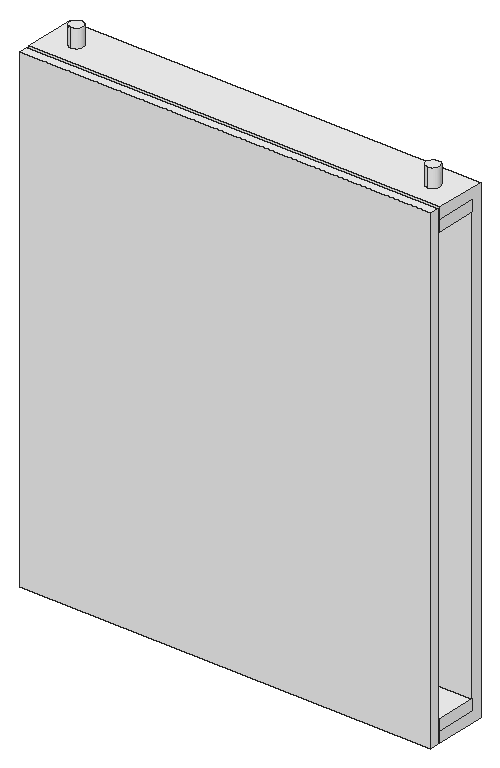
Revit family
Parameters (values of type "TF 3510")
  Tapping depth = if(Tap Radius < 5 mm, 13 mm, 17 mm)  # 13 mm
  Tap Radius = 4.8 mm
  Depth = 45 mm
  URL = "http://viewer.zmags.com/publication/f43ba979"
  Type Comments = ""
  Side Body = not(Depth = 45 mm)  # no
  Model = "TF 3510"
  Mid Body = Depth = 123 mm  # no
  Manufacturer = "Meinertz"  # constant formula
  Keynote = "TF 3510"
  Height Offset from Floor = 100 mm
  Width = 300 mm
  Height = 350 mm
  Heater = RAL 9016
  GoGetNo = 6988  # constant formula
  Body 2 = Depth = 74 mm  # no
  Body = Depth = 45 mm  # yes
Types (13, lengths in mm): name | Depth | Side Body | Model | Mid Body | Keynote | Height | Body 2 | Body
  (no name) | 45 | no | "TF 3510" | no | "TF 3510" | 350 | no | yes
  TF 3510 | 45 | no | "TF 3510" | no | "TF 3510" | 350 | no | yes
  TF 4210 | 45 | no | "TF 4210" | no | "TF 4210" | 420 | no | yes
  TF 4910 | 45 | no | "TF 4910" | no | "TF 4910" | 490 | no | yes
  TF 5610 | 45 | no | "TF 5610" | no | "TF 5610" | 560 | no | yes
  TF 3530 | 123 | yes | "TF 3530" | yes | "TF 3530" | 350 | no | no
  TF 4230 | 123 | yes | "TF 4230" | yes | "TF 4230" | 420 | no | no
  TF 4930 | 123 | yes | "TF 4930" | yes | "TF 4930" | 490 | no | no
  TF 5630 | 123 | yes | "TF 5630" | yes | "TF 5630" | 560 | no | no
  TF 3520 | 74 | yes | "TF 3520" | no | "TF 3520" | 350 | yes | no
  TF 4220 | 74 | yes | "TF 4220" | no | "TF 4220" | 420 | yes | no
  TF 4920 | 74 | yes | "TF 4920" | no | "TF 4920" | 490 | yes | no
  TF 5620 | 74 | yes | "TF 5620" | no | "TF 5620" | 560 | yes | no
Reference planes
  plane 1 "Center (Front/Back)": y = 0
  plane 2: z = 0
  plane 3 "Center (Left/Right)": x = 0
  plane 4 "bottom": z = 100
  plane 5: y = 22.5
  plane 6: y = -22.5
  plane 7: x = -150
  plane 8: x = 150
  plane 9: y = 14.5
  plane 10: y = -14.5
  plane 11: x = -142
  plane 12: x = 142
  plane 13: z = 450
  plane 14: z = 442
  plane 15: z = 275
  plane 16: z = 108
  plane 17: y = -6.5
Forms (mm)
  Extrusion 1, solid, material "RAL 9016" <- "Heater"
    sketch origin (0, 0, 0) x (0, 1, 0) y (0, 0, 1)
      loop
        line (22.5, 450) -> (-14.5, 450) -> (-14.5, 442) -> (14.5, 442) -> (14.5, 108) -> (-14.5, 108) -> (-14.5, 100) -> (22.5, 100) -> (22.5, 450)
    from -150 to 150
  Extrusion 2, solid, material "RAL 9016" <- "Heater"
    sketch origin (0, 0, 0) x (0, 1, 0) y (0, 0, 1)
      loop
        line (-16.5, 450) -> (-22.5, 450) -> (-22.5, 100) -> (-16.5, 100) -> (-16.5, 450)
    from -150 to 150
  Extrusion 3, solid, material "RAL 9016" <- "Heater", visible <- "Body"
    sketch origin (0, 0, 0) x (0, 1, 0) y (0, 0, 1)
      loop
        line (14.5, 442) -> (-14.5, 442) -> (-14.5, 434) -> (14.5, 434) -> (14.5, 442)
      loop
        line (14.5, 108) -> (14.5, 116) -> (-14.5, 116) -> (-14.5, 108) -> (14.5, 108)
    from -150 to 150
  Extrusion 4, solid, material "RAL 9016" <- "Heater", visible <- "Side Body"
    sketch origin (0, 0, 100) x (-1, 0, 0) y (0, -1, 0)
      loop
        line (150, 6.5) -> (150, 14.5) -> (-150, 14.5) -> (-150, 6.5) -> (150, 6.5)
    from 8 to 342
  Extrusion 5, solid, material "RAL 9016" <- "Heater", visible <- "Mid Body"
    sketch origin (0, 0, 100) x (-1, 0, 0) y (0, -1, 0)
      loop
        line (150, -8) -> (150, 0) -> (-150, 0) -> (-150, -8) -> (150, -8)
    from 8 to 342
  Extrusion 6, solid, material "RAL 9016" <- "Heater", visible <- "Mid Body"
    sketch origin (0, 0, 0) x (0, 1, 0) y (0, 0, 1)
      loop
        line (0, 108) -> (0, 116) -> (-6.5, 116) -> (-6.5, 108) -> (0, 108)
      loop
        line (0, 442) -> (-6.5, 442) -> (-6.5, 434) -> (0, 434) -> (0, 442)
      loop
        line (14.5, 442) -> (8, 442) -> (8, 434) -> (14.5, 434) -> (14.5, 442)
      loop
        line (14.5, 108) -> (14.5, 116) -> (8, 116) -> (8, 108) -> (14.5, 108)
    from -150 to 150
  Extrusion 7, solid, material "RAL 9016" <- "Heater", visible <- "Body 2"
    sketch origin (0, 0, 0) x (0, 1, 0) y (0, 0, 1)
      loop
        line (14.5, 108) -> (14.5, 116) -> (-6.5, 116) -> (-6.5, 108) -> (14.5, 108)
      loop
        line (14.5, 442) -> (-6.5, 442) -> (-6.5, 434) -> (14.5, 434) -> (14.5, 442)
    from -150 to 150
  Extrusion 8, solid, material "Tap"
    sketch origin (0, 22.5, 450) x (0, -1, 0) y (1, 0, 0)
      loop
        circle (18.5, 130) r 4.8
    from 0 to 13
  Extrusion 9, solid, material "Tap"
    sketch origin (0, 22.5, 450) x (0, -1, 0) y (1, 0, 0)
      loop
        circle (18.5, -130) r 4.8
    from 0 to 13
  Extrusion 10, solid, material "Tap"
    sketch origin (0, 22.5, 100) x (-1, 0, 0) y (0, 1, 0)
      loop
        circle (-130, -18.5) r 4.8
    from 0 to 13
  Extrusion 11, solid, material "Tap"
    sketch origin (0, 22.5, 100) x (-1, 0, 0) y (0, 1, 0)
      loop
        circle (130, -18.5) r 4.8
    from 0 to 13
Dimensions and locks
  locked: plane 7 to plane 11 at 8
  locked: plane 12 to plane 8 at 8
  locked: plane 10 to plane 6 at 8
  locked: plane 9 to plane 5 at 8
  equal spacing: plane 7, plane 3 "Center (Left/Right)", plane 8
  equal spacing: plane 6, plane 1 "Center (Front/Back)", plane 5
  "Width": plane 7 to plane 8
  "Depth": plane 5 to plane 6
  "Height": plane 13 to plane 4 "bottom"
  "Height Offset from Floor": plane 4 "bottom" to plane 2
  locked: plane 13 to plane 14 at 8
  equal spacing: plane 13, plane 15, plane 4 "bottom"
  group 1 to group 2 = 0 mm  (x2)
  group 1 to group 2 = 70 mm
  locked: plane 16 to plane 4 "bottom" at 8
  locked: plane 10 to Extrusion 2 sketch curve at 2
  locked: Extrusion 3 sketch curve to plane 16 at 8
  locked: plane 14 to Extrusion 3 sketch curve at 8
  locked: plane 17 to plane 10 at 8
  locked: Extrusion 5 sketch curve to Extrusion 5 sketch curve at 8
  locked: Extrusion 8 sketch curve to Extrusion 1 at 20
  "Tapping depth": Extrusion 9 to plane 13
  "Tapping depth": Extrusion 8 to plane 13
  "Tapping depth": plane 4 "bottom" to Extrusion 11
  "Tapping depth": plane 4 "bottom" to Extrusion 10
  "Tap Radius": radius of Extrusion 8 sketch curve
  "Tap Radius": radius of Extrusion 9 sketch curve
  "Tap Radius": radius of Extrusion 10 sketch curve
  "Tap Radius": radius of Extrusion 11 sketch curve
  aligned and locked: plane 13 to Extrusion 1 sketch curve
  aligned and locked: plane 5 to Extrusion 1 sketch curve
  aligned and locked: plane 4 "bottom" to Extrusion 1 sketch curve
  aligned and locked: Extrusion 1 sketch curve to plane 10
  aligned and locked: plane 9 to Extrusion 1 sketch curve
  aligned and locked: plane 14 to Extrusion 1 sketch curve
  aligned and locked: Extrusion 1 to plane 7
  aligned and locked: Extrusion 1 to plane 8
  aligned and locked: Extrusion 1 sketch curve to plane 16
  aligned and locked: Extrusion 2 sketch curve to plane 6
  aligned and locked: Extrusion 2 sketch curve to plane 13
  aligned and locked: plane 4 "bottom" to Extrusion 2 sketch curve
  aligned and locked: Extrusion 2 to plane 7
  aligned and locked: Extrusion 2 to plane 8
  aligned and locked: plane 9 to Extrusion 3 sketch curve
  aligned and locked: Extrusion 3 sketch curve to plane 14
  aligned and locked: plane 10 to Extrusion 3 sketch curve
  aligned and locked: Extrusion 3 sketch curve to plane 9
  aligned and locked: Extrusion 3 sketch curve to plane 16
  aligned and locked: Extrusion 3 sketch curve to plane 10
  aligned and locked: Extrusion 3 to plane 8
  aligned and locked: Extrusion 3 to plane 7
  aligned and locked: Extrusion 4 sketch curve to plane 17
  aligned and locked: plane 10 to Extrusion 4 sketch curve
  aligned and locked: plane 8 to Extrusion 4 sketch curve
  aligned and locked: plane 7 to Extrusion 4 sketch curve
  aligned and locked: Extrusion 4 to plane 16
  aligned and locked: plane 14 to Extrusion 4
  aligned and locked: plane 7 to Extrusion 5 sketch curve
  aligned and locked: plane 8 to Extrusion 5 sketch curve
  aligned and locked: Extrusion 5 sketch curve to plane 1 "Center (Front/Back)"
  aligned and locked: Extrusion 5 to plane 16
  aligned and locked: plane 14 to Extrusion 5
  aligned and locked: plane 16 to Extrusion 6 sketch curve
  aligned and locked: Extrusion 3 to Extrusion 6 sketch curve  (x2)
  aligned and locked: Extrusion 6 sketch curve to plane 1 "Center (Front/Back)"
  aligned and locked: Extrusion 6 sketch curve to plane 17
  aligned and locked: plane 1 "Center (Front/Back)" to Extrusion 6 sketch curve
  aligned and locked: plane 17 to Extrusion 6 sketch curve
  aligned and locked: Extrusion 6 sketch curve to plane 14  (x2)
  aligned and locked: Extrusion 6 sketch curve to Extrusion 3  (x2)
  aligned and locked: Extrusion 6 to plane 7
  aligned and locked: Extrusion 6 to plane 8
  aligned and locked: plane 9 to Extrusion 6 sketch curve
  aligned and locked: Extrusion 6 sketch curve to Extrusion 5  (x2)
  aligned and locked: Extrusion 6 sketch curve to plane 16
  aligned and locked: Extrusion 6 sketch curve to plane 9
  aligned and locked: plane 9 to Extrusion 7 sketch curve  (x2)
  aligned and locked: plane 17 to Extrusion 7 sketch curve  (x2)
  aligned and locked: Extrusion 3 to Extrusion 7 sketch curve
  aligned and locked: Extrusion 7 sketch curve to plane 16
  aligned and locked: Extrusion 7 sketch curve to plane 14
  aligned and locked: Extrusion 7 sketch curve to Extrusion 3
  aligned and locked: Extrusion 7 to plane 7
  aligned and locked: Extrusion 7 to plane 8
Automatic sketch dimensions
  Extrusion 1 sketch curve to plane 10 = 0 mm
  Extrusion 1 to Extrusion 8 sketch curve = 18.5 mm
  Extrusion 1 to Extrusion 9 sketch curve = 18.5 mm
  Extrusion 1 to Extrusion 9 sketch curve = 20 mm
  Extrusion 10 sketch curve to Extrusion 1 = 20 mm
  Extrusion 1 to Extrusion 10 sketch curve = 18.5 mm
  Extrusion 11 sketch curve to Extrusion 1 = 20 mm
  Extrusion 1 to Extrusion 11 sketch curve = 18.5 mm
Connectors
  piping at (130, 4, 87), driven by "Tap Radius"
    settings: on Extrusion 10, index 1, connector radius 4.8 mm, flow factor 0, pipe flow 0.0 L/s, pressure drop 0.0 Pa, fitting loss kfactor 0, connector angle 0.00°, fixture units 0, flow configuration 1, flow direction 1, fitting loss method 0, system type 7, connector reference index -1, connector utility 0, adjustable connector no, is connector primary yes, fitting loss table "", connector description "C"
  piping at (-130, 4, 87), driven by "Tap Radius"
    settings: on Extrusion 11, index 2, connector radius 4.8 mm, flow factor 0, pipe flow 0.0 L/s, pressure drop 0.0 Pa, fitting loss kfactor 0, connector angle 0.00°, fixture units 0, flow configuration 1, flow direction 2, fitting loss method 0, system type 7, connector reference index -1, connector utility 0, adjustable connector no, is connector primary no, fitting loss table "", connector description "D"
  piping at (130, 4, 463), driven by "Tap Radius"
    settings: on Extrusion 8, index 3, connector radius 4.8 mm, flow factor 0, pipe flow 0.0 L/s, pressure drop 0.0 Pa, fitting loss kfactor 0, connector angle 0.00°, fixture units 0, flow configuration 1, flow direction 1, fitting loss method 0, system type 7, connector reference index -1, connector utility 0, adjustable connector no, is connector primary no, fitting loss table "", connector description "A"
  piping at (-130, 4, 463), driven by "Tap Radius"
    settings: on Extrusion 9, index 4, connector radius 4.8 mm, flow factor 0, pipe flow 0.0 L/s, pressure drop 0.0 Pa, fitting loss kfactor 0, connector angle 0.00°, fixture units 0, flow configuration 1, flow direction 2, fitting loss method 0, system type 7, connector reference index -1, connector utility 0, adjustable connector no, is connector primary no, fitting loss table "", connector description "B"
